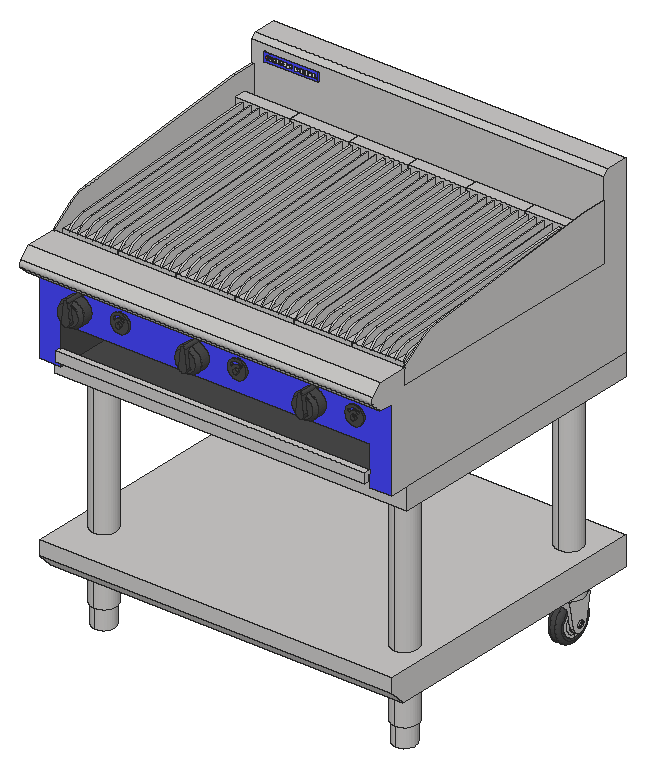
Revit family "QF_MOFFAT_BLUESEAL_AU_G596-LS", category Specialty Equipment, Revit 2012
Parameters
  Weight in Pounds = 391  # constant formula
  URL Cutsheet = "www.moffat.com"
  URL = "www.moffat.com"
  Type Mark [instance] = ""
  Status [instance] = ""
  Specification by User [instance] = ""
  Specification by Manufacturer = ""
  Show Logo [instance] = yes
  Show Casters [instance] = yes
  Serial Number = ""
  Seismic Rating = ""
  SMACNA No = ""
  Revision Code [instance] = ""
  Omniclass Number and Title = ""
  NAFEM Spec ID Number = ""
  Model = "G596-LS"
  Mechanical Remarks [instance] = ""
  Mechanical Connection Type [instance] = ""
  Masterspec = ""
  Manufacturer = "MOFFAT BLUESEAL"
  Legs [instance] = not(Show Casters)  # no
  Item Number [instance] = ""
  Installed By [instance] = ""
  Identify Quantity as Lot [instance] = yes
  Gas Size = 3/4"
  Gas RI Height [instance] = 0 mm
  Gas KW = 29.3
  Gas Input [instance] = 94781.0 Btu/h
  Gas Connection Height = 0 mm
  Furnished By [instance] = ""
  Foodservice Equipment Identifier [instance] = yes
  Description = "900MM GAS CHARGRILL ON LEG STAND"
  CSI MasterFormat = ""
  CSI Master Format = ""
  Body Finish = QF_Finishes_Stainless Steel
Reference planes
  plane 1 "BACK": y = 0
  plane 2: z = 0
  plane 3 "LEFT": x = 0
  plane 4 "RIGHT": x = 900
  plane 5 "FRONT": y = -812
  plane 6 "TOP": z = 972
  plane 7 "Center Y": x = 450
  plane 8 "Center X": y = -406
  plane 9: z = 970
  plane 10: z = 1085
  plane 11: y = -100
  plane 12: y = -625
  plane 13: x = 65.5
  plane 14: x = 834.5
Forms (mm)
  Extrusion 1, solid, material "QF_Finishes_Stainless Steel" <- "Body Finish"
    sketch origin (0, 0, 0) x (0, 1, 0) y (0, 0, 1)
      loop
        line (0, 222.5) -> (-749, 222.5) -> (-749, 186) -> (-713, 150) -> (0, 150) -> (0, 222.5)
      loop
        line (0, 640) -> (0, 1085) -> (-57.5, 1085) -> (-70, 1072.5) -> (-70, 875) -> (-705, 875) -> (-705, 915) -> (-783.97, 915) -> (-808.485, 890.485)
        arc (-808.485, 890.485) -> (-811.999, 882) -> (-808.485, 873.515) r 12
        line (-808.485, 873.515) -> (-784.97, 850) -> (-749, 850) -> (-749, 640) -> (0, 640)
      loop
        line (0, 585) -> (0, 639.206) -> (-699, 639.206) -> (-699, 585) -> (0, 585)
    from 0 to 900
  Revolve 2, solid, material "QF_Finishes_Stainless Steel" <- "Body Finish"
    sketch origin (834.5, -735, 0) x (0, 1, 0) y (0, 0, -1)
      loop
        line (78.25, -150) -> (110, -150) -> (110, 0) -> (82.5, 0) -> (82.5, -50) -> (78.25, -50) -> (78.25, -150)
      loop
        line (78.25, -222.5) -> (78.25, -585) -> (110, -585) -> (110, -222.5) -> (78.25, -222.5)
      axis (110, -585) -> (110, 0)
    angle from 0 to 360
  Revolve 3, solid, material "QF_Finishes_Stainless Steel" <- "Body Finish"
    sketch origin (834.5, -210, 0) x (0, 1, 0) y (0, 0, -1)
      loop
        line (78.25, -222.5) -> (78.25, -585) -> (110, -585) -> (110, -222.5) -> (78.25, -222.5)
      axis (110, -585) -> (110, -222.5)
    angle from 0 to 360
  Revolve 4, solid, material "QF_Finishes_Stainless Steel" <- "Body Finish"
    sketch origin (65, -735, 0) x (0, 1, 0) y (0, 0, 1)
      loop
        line (78.25, 150) -> (78.25, 50) -> (82.5, 50) -> (82.5, 0) -> (110, 0) -> (110, 150) -> (78.25, 150)
      loop
        line (78.25, 222.5) -> (110, 222.5) -> (110, 585) -> (78.25, 585) -> (78.25, 222.5)
      axis (110, 585) -> (110, 0)
    angle from 0 to 360
  Revolve 5, solid, material "QF_Finishes_Stainless Steel" <- "Body Finish"
    sketch origin (65, -210, 0) x (0, 1, 0) y (0, 0, 1)
      loop
        line (78.25, 222.5) -> (110, 222.5) -> (110, 585) -> (78.25, 585) -> (78.25, 222.5)
      axis (110, 585) -> (110, 222.5)
    angle from 0 to 360
  Extrusion 6, solid, material "QF_Finishes_Stainless Steel" <- "Body Finish"
    sketch origin (0, 0, 157.388) x (0, 1, 0) y (0, 0, 1)
      loop
        line (-70, 717) -> (-70, 860.112) -> (-127.045, 860.112) -> (-604.53, 814.135)
        arc (-604.53, 814.135) -> (-629.557, 808.415) -> (-652.303, 796.511) r 100
        line (-652.303, 796.511) -> (-705, 759.612) -> (-705, 717) -> (-70, 717)
    from 0 to 4.5
  Extrusion 7, solid, material "QF_Finishes_Stainless Steel" <- "Body Finish"
    sketch origin (900, 0, 0) x (0, -1, 0) y (0, 0, 1)
      loop
        line (70, 874.388) -> (705, 874.388) -> (705, 917) -> (652.303, 953.899)
        arc (652.303, 953.899) -> (629.557, 965.803) -> (604.53, 971.523) r 100
        line (604.53, 971.523) -> (127.045, 1017.5) -> (70, 1017.5) -> (70, 874.388)
    from 0 to 3
  Revolve 8, solid, material "QF_Finishes_Black"
    sketch origin (108, 7, 155.8) x (0, 1, 0) y (0, 0, 1)
      loop
        line (-789, 671.5) -> (-800, 665.651) -> (-800, 639) -> (-756, 639) -> (-756, 644) -> (-766, 644) -> (-766, 671.5) -> (-789, 671.5)
      axis (-800, 639) -> (-756, 639)
    angle from 0 to 360
  Extrusion 9, solid, material "QF_Finishes_Black"
    sketch origin (-30.113, 7, 155.8) x (1, 0, 0) y (0, 0, 1)
      loop
        line (148.532, 628.195) -> (143.111, 671.113)
        arc (143.111, 671.113) -> (138.113, 676) -> (133.114, 671.113) r 5
        line (133.114, 671.113) -> (127.625, 627.028)
        arc (127.625, 627.028) -> (138.697, 616.529) -> (148.532, 628.195) r 10.487
    from 759 to 808
  Extrusion 10, solid, material "QF_Finishes_Stainless Steel"
    sketch origin (276, 0, 158) x (0, 1, 0) y (0, 0, 1)
      loop
        line (-132, 752.364) -> (-132, 804.849) -> (-637.852, 774.53)
        arc (-637.852, 774.53) -> (-663.098, 767.97) -> (-684, 752.364) r 67.81
        line (-684, 752.364) -> (-132, 752.364)
    from 0 to 4.5
  Extrusion 11, solid, material "QF_Finishes_Stainless Steel"
    sketch origin (255, 0, 158) x (0, 1, 0) y (0, 0, 1)
      loop
        line (-132, 752.364) -> (-132, 804.849) -> (-637.852, 774.53)
        arc (-637.852, 774.53) -> (-663.098, 767.97) -> (-684, 752.364) r 67.81
        line (-684, 752.364) -> (-132, 752.364)
    from 0 to 4.5
  Extrusion 12, solid, material "QF_Finishes_Stainless Steel"
    sketch origin (234, 0, 158) x (0, 1, 0) y (0, 0, 1)
      loop
        line (-132, 752.364) -> (-132, 804.849) -> (-637.852, 774.53)
        arc (-637.852, 774.53) -> (-663.098, 767.97) -> (-684, 752.364) r 67.81
        line (-684, 752.364) -> (-132, 752.364)
    from 0 to 4.5
  Extrusion 13, solid, material "QF_Finishes_Stainless Steel"
    sketch origin (213, 0, 158) x (0, 1, 0) y (0, 0, 1)
      loop
        line (-132, 752.364) -> (-132, 804.849) -> (-637.852, 774.53)
        arc (-637.852, 774.53) -> (-663.098, 767.97) -> (-684, 752.364) r 67.81
        line (-684, 752.364) -> (-132, 752.364)
    from 0 to 4.5
  Extrusion 14, solid, material "QF_Finishes_Stainless Steel"
    sketch origin (192, 0, 158) x (0, 1, 0) y (0, 0, 1)
      loop
        line (-132, 752.364) -> (-132, 804.849) -> (-637.852, 774.53)
        arc (-637.852, 774.53) -> (-663.098, 767.97) -> (-684, 752.364) r 67.81
        line (-684, 752.364) -> (-132, 752.364)
    from 0 to 4.5
  Extrusion 15, solid, material "QF_Finishes_Stainless Steel"
    sketch origin (171, 0, 158) x (0, 1, 0) y (0, 0, 1)
      loop
        line (-132, 752.364) -> (-132, 804.849) -> (-637.852, 774.53)
        arc (-637.852, 774.53) -> (-663.098, 767.97) -> (-684, 752.364) r 67.81
        line (-684, 752.364) -> (-132, 752.364)
    from 0 to 4.5
  Extrusion 16, solid, material "QF_Finishes_Stainless Steel"
    sketch origin (150, 0, 158) x (0, 1, 0) y (0, 0, 1)
      loop
        line (-132, 752.364) -> (-132, 804.849) -> (-637.852, 774.53)
        arc (-637.852, 774.53) -> (-663.098, 767.97) -> (-684, 752.364) r 67.81
        line (-684, 752.364) -> (-132, 752.364)
    from 0 to 4.5
  Extrusion 17, solid, material "QF_Finishes_Stainless Steel"
    sketch origin (126, 0, 158) x (0, 1, 0) y (0, 0, 1)
      loop
        line (-132, 752.364) -> (-132, 804.849) -> (-637.852, 774.53)
        arc (-637.852, 774.53) -> (-663.098, 767.97) -> (-684, 752.364) r 67.81
        line (-684, 752.364) -> (-132, 752.364)
    from 0 to 4.5
  Extrusion 18, solid, material "QF_Finishes_Stainless Steel"
    sketch origin (105, 0, 158) x (0, 1, 0) y (0, 0, 1)
      loop
        line (-132, 752.364) -> (-132, 804.849) -> (-637.852, 774.53)
        arc (-637.852, 774.53) -> (-663.098, 767.97) -> (-684, 752.364) r 67.81
        line (-684, 752.364) -> (-132, 752.364)
    from 0 to 4.5
  Extrusion 19, solid, material "QF_Finishes_Stainless Steel"
    sketch origin (84, 0, 158) x (0, 1, 0) y (0, 0, 1)
      loop
        line (-132, 752.364) -> (-132, 804.849) -> (-637.852, 774.53)
        arc (-637.852, 774.53) -> (-663.098, 767.97) -> (-684, 752.364) r 67.81
        line (-684, 752.364) -> (-132, 752.364)
    from 0 to 4.5
  Extrusion 20, solid, material "QF_Finishes_Stainless Steel"
    sketch origin (63, 0, 158) x (0, 1, 0) y (0, 0, 1)
      loop
        line (-132, 752.364) -> (-132, 804.849) -> (-637.852, 774.53)
        arc (-637.852, 774.53) -> (-663.098, 767.97) -> (-684, 752.364) r 67.81
        line (-684, 752.364) -> (-132, 752.364)
    from 0 to 4.5
  Extrusion 21, solid, material "QF_Finishes_Stainless Steel"
    sketch origin (42, 0, 158) x (0, 1, 0) y (0, 0, 1)
      loop
        line (-132, 752.364) -> (-132, 804.849) -> (-637.852, 774.53)
        arc (-637.852, 774.53) -> (-663.098, 767.97) -> (-684, 752.364) r 67.81
        line (-684, 752.364) -> (-132, 752.364)
    from 0 to 4.5
  Extrusion 22, solid, material "QF_Finishes_Stainless Steel"
    sketch origin (21, 0, 158) x (0, 1, 0) y (0, 0, 1)
      loop
        line (-132, 752.364) -> (-132, 804.849) -> (-637.852, 774.53)
        arc (-637.852, 774.53) -> (-663.098, 767.97) -> (-684, 752.364) r 67.81
        line (-684, 752.364) -> (-132, 752.364)
    from 0 to 4.5
  Extrusion 23, solid, material "QF_Finishes_Stainless Steel"
    sketch origin (426, 0, 158) x (0, 1, 0) y (0, 0, 1)
      loop
        line (-132, 752.364) -> (-132, 804.849) -> (-637.852, 774.53)
        arc (-637.852, 774.53) -> (-663.098, 767.97) -> (-684, 752.364) r 67.81
        line (-684, 752.364) -> (-132, 752.364)
    from 0 to 4.5
  Extrusion 24, solid, material "QF_Finishes_Stainless Steel"
    sketch origin (405, 0, 158) x (0, 1, 0) y (0, 0, 1)
      loop
        line (-132, 752.364) -> (-132, 804.849) -> (-637.852, 774.53)
        arc (-637.852, 774.53) -> (-663.098, 767.97) -> (-684, 752.364) r 67.81
        line (-684, 752.364) -> (-132, 752.364)
    from 0 to 4.5
  Extrusion 25, solid, material "QF_Finishes_Stainless Steel"
    sketch origin (384, 0, 158) x (0, 1, 0) y (0, 0, 1)
      loop
        line (-132, 752.364) -> (-132, 804.849) -> (-637.852, 774.53)
        arc (-637.852, 774.53) -> (-663.098, 767.97) -> (-684, 752.364) r 67.81
        line (-684, 752.364) -> (-132, 752.364)
    from 0 to 4.5
  Extrusion 26, solid, material "QF_Finishes_Stainless Steel"
    sketch origin (363, 0, 158) x (0, 1, 0) y (0, 0, 1)
      loop
        line (-132, 752.364) -> (-132, 804.849) -> (-637.852, 774.53)
        arc (-637.852, 774.53) -> (-663.098, 767.97) -> (-684, 752.364) r 67.81
        line (-684, 752.364) -> (-132, 752.364)
    from 0 to 4.5
  Extrusion 27, solid, material "QF_Finishes_Stainless Steel"
    sketch origin (342, 0, 158) x (0, 1, 0) y (0, 0, 1)
      loop
        line (-132, 752.364) -> (-132, 804.849) -> (-637.852, 774.53)
        arc (-637.852, 774.53) -> (-663.098, 767.97) -> (-684, 752.364) r 67.81
        line (-684, 752.364) -> (-132, 752.364)
    from 0 to 4.5
  Extrusion 28, solid, material "QF_Finishes_Stainless Steel"
    sketch origin (321, 0, 158) x (0, 1, 0) y (0, 0, 1)
      loop
        line (-132, 752.364) -> (-132, 804.849) -> (-637.852, 774.53)
        arc (-637.852, 774.53) -> (-663.098, 767.97) -> (-684, 752.364) r 67.81
        line (-684, 752.364) -> (-132, 752.364)
    from 0 to 4.5
  Extrusion 29, solid, material "QF_Finishes_Stainless Steel"
    sketch origin (300, 0, 158) x (0, 1, 0) y (0, 0, 1)
      loop
        line (-132, 752.364) -> (-132, 804.849) -> (-637.852, 774.53)
        arc (-637.852, 774.53) -> (-663.098, 767.97) -> (-684, 752.364) r 67.81
        line (-684, 752.364) -> (-132, 752.364)
    from 0 to 4.5
  Extrusion 30, solid, material "QF_Finishes_Stainless Steel"
    sketch origin (576, 0, 158) x (0, 1, 0) y (0, 0, 1)
      loop
        line (-132, 752.364) -> (-132, 804.849) -> (-637.852, 774.53)
        arc (-637.852, 774.53) -> (-663.098, 767.97) -> (-684, 752.364) r 67.81
        line (-684, 752.364) -> (-132, 752.364)
    from 0 to 4.5
  Extrusion 31, solid, material "QF_Finishes_Stainless Steel"
    sketch origin (555, 0, 158) x (0, 1, 0) y (0, 0, 1)
      loop
        line (-132, 752.364) -> (-132, 804.849) -> (-637.852, 774.53)
        arc (-637.852, 774.53) -> (-663.098, 767.97) -> (-684, 752.364) r 67.81
        line (-684, 752.364) -> (-132, 752.364)
    from 0 to 4.5
  Extrusion 32, solid, material "QF_Finishes_Stainless Steel"
    sketch origin (534, 0, 158) x (0, 1, 0) y (0, 0, 1)
      loop
        line (-132, 752.364) -> (-132, 804.849) -> (-637.852, 774.53)
        arc (-637.852, 774.53) -> (-663.098, 767.97) -> (-684, 752.364) r 67.81
        line (-684, 752.364) -> (-132, 752.364)
    from 0 to 4.5
  Extrusion 33, solid, material "QF_Finishes_Stainless Steel"
    sketch origin (513, 0, 158) x (0, 1, 0) y (0, 0, 1)
      loop
        line (-132, 752.364) -> (-132, 804.849) -> (-637.852, 774.53)
        arc (-637.852, 774.53) -> (-663.098, 767.97) -> (-684, 752.364) r 67.81
        line (-684, 752.364) -> (-132, 752.364)
    from 0 to 4.5
  Extrusion 34, solid, material "QF_Finishes_Stainless Steel"
    sketch origin (492, 0, 158) x (0, 1, 0) y (0, 0, 1)
      loop
        line (-132, 752.364) -> (-132, 804.849) -> (-637.852, 774.53)
        arc (-637.852, 774.53) -> (-663.098, 767.97) -> (-684, 752.364) r 67.81
        line (-684, 752.364) -> (-132, 752.364)
    from 0 to 4.5
  Extrusion 35, solid, material "QF_Finishes_Stainless Steel"
    sketch origin (471, 0, 158) x (0, 1, 0) y (0, 0, 1)
      loop
        line (-132, 752.364) -> (-132, 804.849) -> (-637.852, 774.53)
        arc (-637.852, 774.53) -> (-663.098, 767.97) -> (-684, 752.364) r 67.81
        line (-684, 752.364) -> (-132, 752.364)
    from 0 to 4.5
  Extrusion 36, solid, material "QF_Finishes_Stainless Steel"
    sketch origin (450, 0, 158) x (0, 1, 0) y (0, 0, 1)
      loop
        line (-132, 752.364) -> (-132, 804.849) -> (-637.852, 774.53)
        arc (-637.852, 774.53) -> (-663.098, 767.97) -> (-684, 752.364) r 67.81
        line (-684, 752.364) -> (-132, 752.364)
    from 0 to 4.5
  Extrusion 37, solid, material "QF_Finishes_Stainless Steel"
    sketch origin (0, 3, 0) x (1, 0, 0) y (0, 1, 0)
      loop
        circle (216, -34) r 13.5
    from 553 to 585
  Extrusion 38, solid, material "QF_Finishes_Stainless Steel"
    sketch origin (0, 0, 158) x (0, 1, 0) y (0, 0, 1)
      loop
        line (-132, 752.364) -> (-684, 752.364) -> (-684, 717) -> (-102, 717) -> (-102, 812) -> (-132, 812) -> (-132, 752.364)
    from 4.5 to 147
  Extrusion 39, solid, material "QF_Finishes_Stainless Steel"
    sketch origin (145.5, 0, 158) x (0, 1, 0) y (0, 0, 1)
      loop
        line (-132, 752.364) -> (-684, 752.364) -> (-684, 717) -> (-102, 717) -> (-102, 812) -> (-132, 812) -> (-132, 752.364)
    from 4.5 to 151.5
  Extrusion 40, solid, material "QF_Finishes_Stainless Steel"
    sketch origin (295.5, 0, 158) x (0, 1, 0) y (0, 0, 1)
      loop
        line (-132, 752.364) -> (-684, 752.364) -> (-684, 717) -> (-102, 717) -> (-102, 812) -> (-132, 812) -> (-132, 752.364)
    from 4.5 to 151.5
  Extrusion 41, solid, material "QF_Finishes_Stainless Steel"
    sketch origin (445.5, 0, 158) x (0, 1, 0) y (0, 0, 1)
      loop
        line (-132, 752.364) -> (-684, 752.364) -> (-684, 717) -> (-102, 717) -> (-102, 812) -> (-132, 812) -> (-132, 752.364)
    from 4.5 to 151.5
  Extrusion 42, solid, material "QF_Finishes_Black"
    sketch origin (0, -749, 850) x (0, 0, -1) y (1, 0, 0)
      loop
        circle (55.799, 208) r 23.9
      loop
        arc (48.44, 216.419) -> (49.3, 221.219) -> (44.5, 222.079) r 3.448
        arc (44.5, 222.079) -> (37.915, 207.341) -> (45.718, 193.209) r 18.095
        arc (45.718, 193.209) -> (50.44, 194.491) -> (49.125, 199.204) r 3.448
        arc (49.125, 199.204) -> (45.557, 207.683) -> (48.44, 216.419) r 13.109
      loop
        circle (55.799, 808) r 23.9
      loop
        arc (44.5, 822.079) -> (37.915, 807.341) -> (45.718, 793.209) r 18.095
        arc (45.718, 793.209) -> (50.44, 794.491) -> (49.125, 799.204) r 3.448
        arc (49.125, 799.204) -> (45.557, 807.683) -> (48.44, 816.419) r 13.109
        arc (48.44, 816.419) -> (49.3, 821.219) -> (44.5, 822.079) r 3.448
      loop
        circle (55.799, 508) r 23.9
      loop
        arc (48.44, 516.419) -> (49.3, 521.219) -> (44.5, 522.079) r 3.448
        arc (44.5, 522.079) -> (37.915, 507.341) -> (45.718, 493.209) r 18.095
        arc (45.718, 493.209) -> (50.44, 494.491) -> (49.125, 499.204) r 3.448
        arc (49.125, 499.204) -> (45.557, 507.683) -> (48.44, 516.419) r 13.109
    from 0 to 4
  Extrusion 43, solid, material "QF_Finishes_Black"
    sketch origin (0, -753, 850) x (0, 0, -1) y (1, 0, 0)
      loop
        circle (59.299, 208) r 5.75
      loop
        circle (59.299, 508) r 5.75
      loop
        circle (59.299, 808) r 5.75
    from 0 to 5
  Revolve 44, solid, material "QF_Finishes_Black"
    sketch origin (408, 7, 155.8) x (0, 1, 0) y (0, 0, 1)
      loop
        line (-789, 671.5) -> (-800, 665.651) -> (-800, 639) -> (-756, 639) -> (-756, 644) -> (-766, 644) -> (-766, 671.5) -> (-789, 671.5)
      axis (-800, 639) -> (-756, 639)
    angle from 0 to 360
  Extrusion 45, solid, material "QF_Finishes_Black"
    sketch origin (269.887, 7, 155.8) x (1, 0, 0) y (0, 0, 1)
      loop
        line (148.532, 628.195) -> (143.111, 671.113)
        arc (143.111, 671.113) -> (138.113, 676) -> (133.114, 671.113) r 5
        line (133.114, 671.113) -> (127.625, 627.028)
        arc (127.625, 627.028) -> (138.697, 616.529) -> (148.532, 628.195) r 10.487
    from 759 to 808
  Extrusion 46, void
    sketch origin (0, -749, 850) x (0, 0, 1) y (1, 0, 0)
      loop
        line (-210, 845) -> (-210, 55) -> (-110, 55) -> (-110, 845) -> (-210, 845)
    from 0 to 250
  Extrusion 47, solid, material "QF_Finishes_Stainless Steel"
    sketch origin (55, -749, 150) x (0, 0, 1) y (0, -1, 0)
      loop
        line (506.797, 15.924) -> (506.797, 5.924) -> (521.797, 5.924) -> (521.797, -31.346) -> (490, -31.346) -> (490, -50) -> (531.797, -50) -> (531.797, 15.924) -> (506.797, 15.924)
    from 0 to 790
  Revolve 48, solid, material "QF_Finishes_Stainless Steel", visible <- "Legs"
    sketch origin (65.5, -166, 0) x (0, 1, 0) y (0, 0, 1)
      loop
        line (34.25, 150) -> (34.25, 50) -> (38.5, 50) -> (38.5, 0) -> (66, 0) -> (66, 150) -> (34.25, 150)
      axis (66, 150) -> (66, 0)
    angle from 0 to 360
  Revolve 49, solid, material "QF_Finishes_Stainless Steel", visible <- "Legs"
    sketch origin (834, -166, 0) x (0, 1, 0) y (0, 0, -1)
      loop
        line (34.25, -150) -> (66, -150) -> (66, 0) -> (38.5, 0) -> (38.5, -50) -> (34.25, -50) -> (34.25, -150)
      axis (66, -150) -> (66, 0)
    angle from 0 to 360
  Revolve 50, solid, material "QF_Finishes_Stainless Steel", visible <- "Show Casters"
    sketch origin (16.276, -100.755, -13.653) x (1, 0, 0) y (0, 0, 1)
      loop
        line (14.841, 63.604) -> (83.584, 63.604) -> (83.584, 67.109) -> (82.314, 68.379) -> (80.79, 68.379) -> (80.79, 71.826) -> (68.644, 71.826) -> (68.644, 81.79) -> (65.088, 83.843) -> (63.738, 92.179) -> (65.881, 92.179) -> (65.881, 98.529) -> (65.088, 98.529) -> (65.088, 104.879)
        arc (65.088, 104.879) -> (62.298, 111.614) -> (55.563, 114.404) r 9.525
        line (55.563, 114.404) -> (42.863, 114.404)
        arc (42.863, 114.404) -> (36.127, 111.614) -> (33.338, 104.879) r 9.525
        line (33.338, 104.879) -> (33.338, 98.529) -> (32.544, 98.529) -> (32.544, 92.179) -> (34.687, 92.179) -> (33.352, 83.932) -> (29.782, 81.871) -> (29.782, 71.826) -> (17.635, 71.826) -> (17.635, 68.379) -> (16.111, 68.379) -> (14.841, 67.109) -> (14.841, 63.604)
      axis (14.841, 63.604) -> (83.584, 63.604)
    angle from 0 to 360
  Extrusion 51, solid, material "QF_Finishes_Stainless Steel", visible <- "Show Casters"
    sketch origin (72.001, 132.353, -8.783) x (0, 1, 0) y (0, 0, 1)
      loop
        line (-200.603, 118.783) -> (-264.103, 118.783) -> (-251.746, 53.895)
        arc (-251.746, 53.895) -> (-232.353, 38.783) -> (-212.959, 53.895) r 20
        line (-212.959, 53.895) -> (-200.603, 118.783)
    from -35.667 to 22.923
  Revolve 52, solid, material "QF_Finishes_Stainless Steel", visible <- "Show Casters"
    sketch origin (65.5, -204, 0) x (0, 1, 0) y (0, 0, 1)
      loop
        line (68.25, 150) -> (68.25, 110) -> (104, 110) -> (104, 150) -> (68.25, 150)
      axis (104, 150) -> (104, 110)
    angle from 0 to 360
  Revolve 53, solid, material "QF_Finishes_Stainless Steel", visible <- "Legs"
    sketch origin (65.5, -166, 0) x (0, 1, 0) y (0, 0, 1)
      loop
        line (34.25, 150) -> (34.25, 50) -> (38.5, 50) -> (38.5, 0) -> (66, 0) -> (66, 150) -> (34.25, 150)
      axis (66, 150) -> (66, 0)
    angle from 0 to 360
  Revolve 54, solid, material "QF_Finishes_Stainless Steel", visible <- "Show Casters"
    sketch origin (784.776, -100.755, -13.653) x (1, 0, 0) y (0, 0, 1)
      loop
        line (14.841, 63.604) -> (83.584, 63.604) -> (83.584, 67.109) -> (82.314, 68.379) -> (80.79, 68.379) -> (80.79, 71.826) -> (68.644, 71.826) -> (68.644, 81.79) -> (65.088, 83.843) -> (63.738, 92.179) -> (65.881, 92.179) -> (65.881, 98.529) -> (65.088, 98.529) -> (65.088, 104.879)
        arc (65.088, 104.879) -> (62.298, 111.614) -> (55.563, 114.404) r 9.525
        line (55.563, 114.404) -> (42.863, 114.404)
        arc (42.863, 114.404) -> (36.127, 111.614) -> (33.338, 104.879) r 9.525
        line (33.338, 104.879) -> (33.338, 98.529) -> (32.544, 98.529) -> (32.544, 92.179) -> (34.687, 92.179) -> (33.352, 83.932) -> (29.782, 81.871) -> (29.782, 71.826) -> (17.635, 71.826) -> (17.635, 68.379) -> (16.111, 68.379) -> (14.841, 67.109) -> (14.841, 63.604)
      axis (14.841, 63.604) -> (83.584, 63.604)
    angle from 0 to 360
  Extrusion 55, solid, material "QF_Finishes_Stainless Steel", visible <- "Show Casters"
    sketch origin (840.501, 132.353, -8.783) x (0, 1, 0) y (0, 0, 1)
      loop
        line (-200.603, 118.783) -> (-264.103, 118.783) -> (-251.746, 53.895)
        arc (-251.746, 53.895) -> (-232.353, 38.783) -> (-212.959, 53.895) r 20
        line (-212.959, 53.895) -> (-200.603, 118.783)
    from -35.667 to 22.923
  Revolve 56, solid, material "QF_Finishes_Stainless Steel", visible <- "Show Casters"
    sketch origin (834, -204, 0) x (0, 1, 0) y (0, 0, 1)
      loop
        line (68.25, 150) -> (68.25, 110) -> (104, 110) -> (104, 150) -> (68.25, 150)
      axis (104, 150) -> (104, 110)
    angle from 0 to 360
  Extrusion 57, solid, material "QF_Finishes_Stainless Steel"
    sketch origin (726, 0, 158) x (0, 1, 0) y (0, 0, 1)
      loop
        line (-132, 752.364) -> (-132, 804.849) -> (-637.852, 774.53)
        arc (-637.852, 774.53) -> (-663.098, 767.97) -> (-684, 752.364) r 67.81
        line (-684, 752.364) -> (-132, 752.364)
    from 0 to 4.5
  Extrusion 58, solid, material "QF_Finishes_Stainless Steel"
    sketch origin (705, 0, 158) x (0, 1, 0) y (0, 0, 1)
      loop
        line (-132, 752.364) -> (-132, 804.849) -> (-637.852, 774.53)
        arc (-637.852, 774.53) -> (-663.098, 767.97) -> (-684, 752.364) r 67.81
        line (-684, 752.364) -> (-132, 752.364)
    from 0 to 4.5
  Extrusion 59, solid, material "QF_Finishes_Stainless Steel"
    sketch origin (684, 0, 158) x (0, 1, 0) y (0, 0, 1)
      loop
        line (-132, 752.364) -> (-132, 804.849) -> (-637.852, 774.53)
        arc (-637.852, 774.53) -> (-663.098, 767.97) -> (-684, 752.364) r 67.81
        line (-684, 752.364) -> (-132, 752.364)
    from 0 to 4.5
  Extrusion 60, solid, material "QF_Finishes_Stainless Steel"
    sketch origin (663, 0, 158) x (0, 1, 0) y (0, 0, 1)
      loop
        line (-132, 752.364) -> (-132, 804.849) -> (-637.852, 774.53)
        arc (-637.852, 774.53) -> (-663.098, 767.97) -> (-684, 752.364) r 67.81
        line (-684, 752.364) -> (-132, 752.364)
    from 0 to 4.5
  Extrusion 61, solid, material "QF_Finishes_Stainless Steel"
    sketch origin (642, 0, 158) x (0, 1, 0) y (0, 0, 1)
      loop
        line (-132, 752.364) -> (-132, 804.849) -> (-637.852, 774.53)
        arc (-637.852, 774.53) -> (-663.098, 767.97) -> (-684, 752.364) r 67.81
        line (-684, 752.364) -> (-132, 752.364)
    from 0 to 4.5
  Extrusion 62, solid, material "QF_Finishes_Stainless Steel"
    sketch origin (621, 0, 158) x (0, 1, 0) y (0, 0, 1)
      loop
        line (-132, 752.364) -> (-132, 804.849) -> (-637.852, 774.53)
        arc (-637.852, 774.53) -> (-663.098, 767.97) -> (-684, 752.364) r 67.81
        line (-684, 752.364) -> (-132, 752.364)
    from 0 to 4.5
  Extrusion 63, solid, material "QF_Finishes_Stainless Steel"
    sketch origin (600, 0, 158) x (0, 1, 0) y (0, 0, 1)
      loop
        line (-132, 752.364) -> (-132, 804.849) -> (-637.852, 774.53)
        arc (-637.852, 774.53) -> (-663.098, 767.97) -> (-684, 752.364) r 67.81
        line (-684, 752.364) -> (-132, 752.364)
    from 0 to 4.5
  Extrusion 64, solid, material "QF_Finishes_Stainless Steel"
    sketch origin (595.5, 0, 158) x (0, 1, 0) y (0, 0, 1)
      loop
        line (-132, 752.364) -> (-684, 752.364) -> (-684, 717) -> (-102, 717) -> (-102, 812) -> (-132, 812) -> (-132, 752.364)
    from 4.5 to 151.5
  Extrusion 65, solid, material "QF_Finishes_Stainless Steel"
    sketch origin (876, 0, 158) x (0, 1, 0) y (0, 0, 1)
      loop
        line (-132, 752.364) -> (-132, 804.849) -> (-637.852, 774.53)
        arc (-637.852, 774.53) -> (-663.098, 767.97) -> (-684, 752.364) r 67.81
        line (-684, 752.364) -> (-132, 752.364)
    from 0 to 4.5
  Extrusion 66, solid, material "QF_Finishes_Stainless Steel"
    sketch origin (855, 0, 158) x (0, 1, 0) y (0, 0, 1)
      loop
        line (-132, 752.364) -> (-132, 804.849) -> (-637.852, 774.53)
        arc (-637.852, 774.53) -> (-663.098, 767.97) -> (-684, 752.364) r 67.81
        line (-684, 752.364) -> (-132, 752.364)
    from 0 to 4.5
  Extrusion 67, solid, material "QF_Finishes_Stainless Steel"
    sketch origin (834, 0, 158) x (0, 1, 0) y (0, 0, 1)
      loop
        line (-132, 752.364) -> (-132, 804.849) -> (-637.852, 774.53)
        arc (-637.852, 774.53) -> (-663.098, 767.97) -> (-684, 752.364) r 67.81
        line (-684, 752.364) -> (-132, 752.364)
    from 0 to 4.5
  Extrusion 68, solid, material "QF_Finishes_Stainless Steel"
    sketch origin (813, 0, 158) x (0, 1, 0) y (0, 0, 1)
      loop
        line (-132, 752.364) -> (-132, 804.849) -> (-637.852, 774.53)
        arc (-637.852, 774.53) -> (-663.098, 767.97) -> (-684, 752.364) r 67.81
        line (-684, 752.364) -> (-132, 752.364)
    from 0 to 4.5
  Extrusion 69, solid, material "QF_Finishes_Stainless Steel"
    sketch origin (792, 0, 158) x (0, 1, 0) y (0, 0, 1)
      loop
        line (-132, 752.364) -> (-132, 804.849) -> (-637.852, 774.53)
        arc (-637.852, 774.53) -> (-663.098, 767.97) -> (-684, 752.364) r 67.81
        line (-684, 752.364) -> (-132, 752.364)
    from 0 to 4.5
  Extrusion 70, solid, material "QF_Finishes_Stainless Steel"
    sketch origin (771, 0, 158) x (0, 1, 0) y (0, 0, 1)
      loop
        line (-132, 752.364) -> (-132, 804.849) -> (-637.852, 774.53)
        arc (-637.852, 774.53) -> (-663.098, 767.97) -> (-684, 752.364) r 67.81
        line (-684, 752.364) -> (-132, 752.364)
    from 0 to 4.5
  Extrusion 71, solid, material "QF_Finishes_Stainless Steel"
    sketch origin (750, 0, 158) x (0, 1, 0) y (0, 0, 1)
      loop
        line (-132, 752.364) -> (-132, 804.849) -> (-637.852, 774.53)
        arc (-637.852, 774.53) -> (-663.098, 767.97) -> (-684, 752.364) r 67.81
        line (-684, 752.364) -> (-132, 752.364)
    from 0 to 4.5
  Extrusion 72, solid, material "QF_Finishes_Stainless Steel"
    sketch origin (745.5, 0, 158) x (0, 1, 0) y (0, 0, 1)
      loop
        line (-132, 752.364) -> (-684, 752.364) -> (-684, 717) -> (-102, 717) -> (-102, 812) -> (-132, 812) -> (-132, 752.364)
    from 4.5 to 151.5
  Extrusion 73, void
    sketch origin (0, -749, 850) x (0, 0, 1) y (1, 0, 0)
      loop
        line (-210, 845) -> (-210, 55) -> (-110, 55) -> (-110, 845) -> (-210, 845)
    from 0 to 250
  Revolve 74, solid, material "QF_Finishes_Black"
    sketch origin (708, 7, 155.8) x (0, 1, 0) y (0, 0, 1)
      loop
        line (-789, 671.5) -> (-800, 665.651) -> (-800, 639) -> (-756, 639) -> (-756, 644) -> (-766, 644) -> (-766, 671.5) -> (-789, 671.5)
      axis (-800, 639) -> (-756, 639)
    angle from 0 to 360
  Extrusion 75, solid, material "QF_Finishes_Black"
    sketch origin (569.887, 7, 155.8) x (1, 0, 0) y (0, 0, 1)
      loop
        line (148.532, 628.195) -> (143.111, 671.113)
        arc (143.111, 671.113) -> (138.113, 676) -> (133.114, 671.113) r 5
        line (133.114, 671.113) -> (127.625, 627.028)
        arc (127.625, 627.028) -> (138.697, 616.529) -> (148.532, 628.195) r 10.487
    from 759 to 808
Cuts and joins
  Extrusion 46, Extrusion 73 cuts Extrusion 47
  Extrusion 73 cuts Extrusion 1
Lines and regions (mm)
  Split face 1
    outline origin (900, 0, 1085) x (-1, 0, 0) y (0, -1, 0)
      loop
        arc (856, 18.185) -> (864.66, 23.185) -> (864.66, 33.185) r 10
        line (864.66, 33.185) -> (860.619, 40.185)
        arc (860.619, 40.185) -> (856.959, 43.845) -> (851.959, 45.185) r 10
        line (851.959, 45.185) -> (624, 45.185)
        arc (624, 45.185) -> (615.34, 40.185) -> (615.34, 30.185) r 10
        line (615.34, 30.185) -> (619.381, 23.185)
        arc (619.381, 23.185) -> (623.041, 19.525) -> (628.041, 18.185) r 10
        line (628.041, 18.185) -> (856, 18.185)
  Split face 2
    outline origin (900, 0, 1085) x (-1, 0, 0) y (0, -1, 0)
      loop
        arc (568.021, 18.185) -> (576.681, 23.185) -> (576.681, 33.185) r 10
        line (576.681, 33.185) -> (572.64, 40.185)
        arc (572.64, 40.185) -> (568.979, 43.845) -> (563.979, 45.185) r 10
        line (563.979, 45.185) -> (336.021, 45.185)
        arc (336.021, 45.185) -> (327.36, 40.185) -> (327.36, 30.185) r 10
        line (327.36, 30.185) -> (331.402, 23.185)
        arc (331.402, 23.185) -> (335.062, 19.525) -> (340.062, 18.185) r 10
        line (340.062, 18.185) -> (568.021, 18.185)
  Split face 3
    outline origin (900, 0, 1085) x (-1, 0, 0) y (0, -1, 0)
      loop
        line (52.083, 18.185) -> (280.041, 18.185)
        arc (280.041, 18.185) -> (288.702, 23.185) -> (288.702, 33.185) r 10
        line (288.702, 33.185) -> (284.66, 40.185)
        arc (284.66, 40.185) -> (281, 43.845) -> (276, 45.185) r 10
        line (276, 45.185) -> (48.041, 45.185)
        arc (48.041, 45.185) -> (39.381, 40.185) -> (39.381, 30.185) r 10
        line (39.381, 30.185) -> (43.423, 23.185)
        arc (43.423, 23.185) -> (47.083, 19.525) -> (52.083, 18.185) r 10
  symbolic lines, style "SpecialityEquipmentHiddenLines", visible <- "Show Casters"
    curve 1: line (78.456, -46.735, 0) -> (105.952, -62.61, 0)
    curve 2: line (27.656, -134.723, 0) -> (78.456, -46.735, 0)
    curve 3: line (55.152, -150.598, 0) -> (27.656, -134.723, 0)
    curve 4: line (105.952, -62.61, 0) -> (55.152, -150.598, 0)
    curve 5: line (847.956, -46.735, 0) -> (875.452, -62.61, 0)
    curve 6: line (797.156, -134.723, 0) -> (847.956, -46.735, 0)
    curve 7: line (824.652, -150.598, 0) -> (797.156, -134.723, 0)
    curve 8: line (875.452, -62.61, 0) -> (824.652, -150.598, 0)
  symbolic lines
    curve 9: line (900, 0, 0) -> (0, 0, 0)
    curve 10: line (0, -57.5, 0) -> (900, -57.5, 0)
    curve 11: line (0, -70, 0) -> (900, -70, 0)
    curve 12: line (900, -705, 0) -> (0, -705, 0)
    curve 13: line (0, -783.97, 0) -> (900, -783.97, 0)
    curve 14: line (0, -811.999, 0) -> (900, -811.999, 0)
    curve 15: line (0, 0, 0) -> (0, -811.999, 0)
    curve 16: line (900, -811.999, 0) -> (900, 0, 0)
    curve 17: line (4.5, -705, 0) -> (4.5, -70, 0)
    curve 18: line (897, -70, 0) -> (897, -705, 0)
    curve 19: line (747, -684, 0) -> (897, -684, 0)
    curve 20: line (597, -684, 0) -> (747, -684, 0)
    curve 21: line (447, -684, 0) -> (597, -684, 0)
    curve 22: line (297, -684, 0) -> (447, -684, 0)
    curve 23: line (147, -684, 0) -> (297, -684, 0)
    curve 24: line (4.5, -684, 0) -> (147, -684, 0)
    curve 25: line (147, -102, 0) -> (4.5, -102, 0)
    curve 26: line (297, -102, 0) -> (147, -102, 0)
    curve 27: line (447, -102, 0) -> (297, -102, 0)
    curve 28: line (597, -102, 0) -> (447, -102, 0)
    curve 29: line (747, -102, 0) -> (597, -102, 0)
    curve 30: line (897, -102, 0) -> (747, -102, 0)
    curve 31: line (4.5, -132, 0) -> (147, -132, 0)
    curve 32: line (147, -132, 0) -> (297, -132, 0)
    curve 33: line (297, -132, 0) -> (447, -132, 0)
    curve 34: line (447, -132, 0) -> (597, -132, 0)
    curve 35: line (597, -132, 0) -> (747, -132, 0)
    curve 36: line (747, -132, 0) -> (897, -132, 0)
    curve 37: line (147, -684, 0) -> (147, -102, 0)
    curve 38: line (150, -102, 0) -> (150, -684, 0)
    curve 39: line (297, -684, 0) -> (297, -102, 0)
    curve 40: line (300, -102, 0) -> (300, -684, 0)
    curve 41: line (447, -684, 0) -> (447, -102, 0)
    curve 42: line (450, -102, 0) -> (450, -684, 0)
    curve 43: line (597, -684, 0) -> (597, -102, 0)
    curve 44: line (600, -102, 0) -> (600, -684, 0)
    curve 45: line (747, -684, 0) -> (747, -102, 0)
    curve 46: line (750, -102, 0) -> (750, -684, 0)
    curve 47: line (21, -132, 0) -> (21, -684, 0)
    curve 48: line (42, -132, 0) -> (42, -684, 0)
    curve 49: line (63, -132, 0) -> (63, -684, 0)
    curve 50: line (84, -132, 0) -> (84, -684, 0)
    curve 51: line (105, -132, 0) -> (105, -684, 0)
    curve 52: line (126, -132, 0) -> (126, -684, 0)
    curve 53: line (154.5, -684, 0) -> (154.5, -132, 0)
    curve 54: line (175.5, -684, 0) -> (175.5, -132, 0)
    curve 55: line (196.5, -684, 0) -> (196.5, -132, 0)
    curve 56: line (217.5, -684, 0) -> (217.5, -132, 0)
    curve 57: line (238.5, -684, 0) -> (238.5, -132, 0)
    curve 58: line (259.5, -684, 0) -> (259.5, -132, 0)
    curve 59: line (280.5, -684, 0) -> (280.5, -132, 0)
    curve 60: line (304.5, -684, 0) -> (304.5, -132, 0)
    curve 61: line (325.5, -684, 0) -> (325.5, -132, 0)
    curve 62: line (346.5, -684, 0) -> (346.5, -132, 0)
    curve 63: line (367.5, -684, 0) -> (367.5, -132, 0)
    curve 64: line (388.5, -684, 0) -> (388.5, -132, 0)
    curve 65: line (409.5, -684, 0) -> (409.5, -132, 0)
    curve 66: line (430.5, -684, 0) -> (430.5, -132, 0)
    curve 67: line (454.5, -684, 0) -> (454.5, -132, 0)
    curve 68: line (475.5, -684, 0) -> (475.5, -132, 0)
    curve 69: line (496.5, -684, 0) -> (496.5, -132, 0)
    curve 70: line (517.5, -684, 0) -> (517.5, -132, 0)
    curve 71: line (538.5, -684, 0) -> (538.5, -132, 0)
    curve 72: line (559.5, -684, 0) -> (559.5, -132, 0)
    curve 73: line (580.5, -684, 0) -> (580.5, -132, 0)
    curve 74: line (604.5, -684, 0) -> (604.5, -132, 0)
    curve 75: line (625.5, -684, 0) -> (625.5, -132, 0)
    curve 76: line (646.5, -684, 0) -> (646.5, -132, 0)
    curve 77: line (667.5, -684, 0) -> (667.5, -132, 0)
    curve 78: line (688.5, -684, 0) -> (688.5, -132, 0)
    curve 79: line (709.5, -684, 0) -> (709.5, -132, 0)
    curve 80: line (730.5, -684, 0) -> (730.5, -132, 0)
    curve 81: line (754.5, -684, 0) -> (754.5, -132, 0)
    curve 82: line (775.5, -684, 0) -> (775.5, -132, 0)
    curve 83: line (796.5, -684, 0) -> (796.5, -132, 0)
    curve 84: line (817.5, -684, 0) -> (817.5, -132, 0)
    curve 85: line (838.5, -684, 0) -> (838.5, -132, 0)
    curve 86: line (859.5, -684, 0) -> (859.5, -132, 0)
    curve 87: line (880.5, -684, 0) -> (880.5, -132, 0)
    curve 88: line (331.979, -18.185, 0) -> (559.938, -18.185, 0)
    curve 89: arc (559.938, -18.185, 0) -> (564.938, -19.525, 0) -> (568.598, -23.185, 0) r 10
    curve 90: line (568.598, -23.185, 0) -> (572.64, -30.185, 0)
    curve 91: arc (572.64, -30.185, 0) -> (572.64, -40.185, 0) -> (563.979, -45.185, 0) r 10
    curve 92: line (563.979, -45.185, 0) -> (336.021, -45.185, 0)
    curve 93: arc (336.021, -45.185, 0) -> (331.021, -43.845, 0) -> (327.36, -40.185, 0) r 10
    curve 94: line (327.36, -40.185, 0) -> (323.319, -33.185, 0)
    curve 95: arc (323.319, -33.185, 0) -> (323.319, -23.185, 0) -> (331.979, -18.185, 0) r 10
    curve 96: line (847.917, -18.185, 0) -> (619.959, -18.185, 0)
    curve 97: arc (619.959, -18.185, 0) -> (611.298, -23.185, 0) -> (611.298, -33.185, 0) r 10
    curve 98: line (611.298, -33.185, 0) -> (615.34, -40.185, 0)
    curve 99: arc (615.34, -40.185, 0) -> (619, -43.845, 0) -> (624, -45.185, 0) r 10
    curve 100: line (624, -45.185, 0) -> (851.959, -45.185, 0)
    curve 101: arc (851.959, -45.185, 0) -> (860.619, -40.185, 0) -> (860.619, -30.185, 0) r 10
    curve 102: line (860.619, -30.185, 0) -> (856.577, -23.185, 0)
    curve 103: arc (856.577, -23.185, 0) -> (852.917, -19.525, 0) -> (847.917, -18.185, 0) r 10
    curve 104: line (44, -18.185, 0) -> (271.959, -18.185, 0)
    curve 105: arc (271.959, -18.185, 0) -> (276.959, -19.525, 0) -> (280.619, -23.185, 0) r 10
    curve 106: line (280.619, -23.185, 0) -> (284.66, -30.185, 0)
    curve 107: arc (284.66, -30.185, 0) -> (284.66, -40.185, 0) -> (276, -45.185, 0) r 10
    curve 108: line (276, -45.185, 0) -> (48.041, -45.185, 0)
    curve 109: arc (48.041, -45.185, 0) -> (43.041, -43.845, 0) -> (39.381, -40.185, 0) r 10
    curve 110: line (39.381, -40.185, 0) -> (35.34, -33.185, 0)
    curve 111: arc (35.34, -33.185, 0) -> (35.34, -23.185, 0) -> (44, -18.185, 0) r 10
Dimensions and locks
  equal spacing: plane 3 "LEFT", plane 7 "Center Y", plane 4 "RIGHT"
  plane 3 "LEFT" to plane 4 "RIGHT" = 900 mm
  equal spacing: plane 5 "FRONT", plane 8 "Center X", plane 1 "BACK"
  plane 5 "FRONT" to plane 1 "BACK" = 812 mm  (x2)
  equal spacing: plane 4 "RIGHT", plane 7 "Center Y", plane 3 "LEFT"
  plane 4 "RIGHT" to plane 3 "LEFT" = 900 mm
  plane 9 to level = 970 mm
  plane 10 to plane 2 = 1085 mm
  Revolve 50 sketch curve to Revolve 50 sketch curve = 50.8 mm
  Revolve 54 sketch curve to Revolve 54 sketch curve = 50.8 mm
  plane 13 to plane 14 = 769 mm
  aligned and locked: level to plane 2
Automatic sketch dimensions
  curve 13 to plane 3 "LEFT" = 0 mm
  curve 42 to plane 7 "Center Y" = 0 mm
  curve 11 to plane 4 "RIGHT" = 0 mm
  plane 1 "BACK" to curve 15 = 0 mm
  plane 11 to curve 25 = 2 mm
  plane 3 "LEFT" to curve 25 = 4.5 mm
  curve 24 to curve 47 = 16.5 mm
  curve 47 to curve 3 = 6.656 mm
  curve 47 to curve 48 = 21 mm
  curve 3 to plane 13 = 10.348 mm
  curve 49 to plane 13 = 2.5 mm
  plane 13 to curve 1 = 12.956 mm
  plane 13 to curve 50 = 18.5 mm
  curve 50 to curve 51 = 21 mm
  curve 51 to curve 52 = 21 mm
  curve 52 to curve 31 = 21 mm
  curve 37 to curve 31 = 0 mm
  curve 25 to curve 38 = 3 mm
  curve 38 to curve 53 = 4.5 mm
  curve 53 to curve 54 = 21 mm
  curve 54 to curve 55 = 21 mm
  curve 55 to curve 56 = 21 mm
  curve 56 to curve 57 = 21 mm
  curve 57 to curve 58 = 21 mm
  curve 58 to curve 59 = 21 mm
  curve 59 to curve 22 = 16.5 mm
  curve 59 to curve 33 = 16.5 mm
  curve 22 to curve 40 = 3 mm
  curve 40 to curve 60 = 4.5 mm
  curve 60 to curve 61 = 21 mm
  curve 61 to curve 62 = 21 mm
  curve 62 to curve 63 = 21 mm
  curve 63 to curve 64 = 21 mm
  curve 64 to curve 65 = 21 mm
  curve 66 to plane 7 "Center Y" = 19.5 mm
  curve 41 to plane 7 "Center Y" = 3 mm
  curve 33 to plane 7 "Center Y" = 3 mm
  curve 42 to curve 67 = 4.5 mm
  curve 67 to curve 68 = 21 mm
  curve 68 to curve 69 = 21 mm
  curve 69 to curve 70 = 21 mm
  curve 70 to curve 71 = 21 mm
  curve 71 to curve 72 = 21 mm
  curve 72 to curve 73 = 21 mm
  curve 73 to curve 21 = 16.5 mm
  curve 73 to curve 35 = 16.5 mm
  curve 28 to curve 44 = 3 mm
  curve 34 to curve 74 = 7.5 mm
  curve 74 to curve 75 = 21 mm
  curve 75 to curve 76 = 21 mm
  curve 76 to curve 77 = 21 mm
  curve 77 to curve 78 = 21 mm
  curve 78 to curve 79 = 21 mm
  curve 79 to curve 80 = 21 mm
  curve 80 to curve 45 = 16.5 mm
  curve 80 to curve 35 = 16.5 mm
  curve 29 to curve 46 = 3 mm
  curve 46 to curve 81 = 4.5 mm
  curve 81 to curve 82 = 21 mm
  curve 82 to curve 83 = 21 mm
  curve 83 to curve 6 = 0.656 mm
  plane 14 to curve 84 = 17 mm
  plane 14 to curve 8 = 9.848 mm
  curve 85 to plane 14 = 4 mm
  curve 6 to plane 14 = 13.456 mm
  curve 85 to curve 86 = 21 mm
  plane 4 "RIGHT" to curve 87 = 19.5 mm
  plane 4 "RIGHT" to curve 18 = 3 mm
  curve 67 to curve 27 = 30 mm
  curve 2 to curve 47 = 2.723 mm
  curve 6 to curve 83 = 2.723 mm
  curve 3 to curve 49 = 18.598 mm
  curve 7 to curve 84 = 18.598 mm
  plane 12 to curve 37 = 59 mm
  curve 17 to curve 24 = 21 mm
  curve 13 to plane 5 "FRONT" = 28.03 mm
  curve 14 to plane 5 "FRONT" = 0.001 mm
  plane 11 to curve 42 = 2 mm
  plane 11 to curve 40 = 2 mm
  plane 11 to curve 38 = 2 mm
  curve 17 to plane 11 = 30 mm
  curve 18 to curve 11 = 0 mm
  curve 11 to curve 10 = 12.5 mm
  Extrusion 1 sketch curve to plane 10 = 0 mm
  Extrusion 1 sketch curve to plane 1 "BACK" = 0 mm  (x3)
  Extrusion 1 sketch curve to plane 11 = 42.5 mm
  Extrusion 1 sketch curve to plane 10 = 12.5 mm
  Extrusion 1 sketch curve to Extrusion 1 sketch curve = 12.5 mm
  plane 12 to Extrusion 1 sketch curve = 74 mm
  plane 12 to Extrusion 1 sketch curve = 80 mm
  plane 12 to Extrusion 1 sketch curve = 88 mm
  Extrusion 1 sketch curve to Extrusion 1 sketch curve = 50 mm
  Extrusion 1 sketch curve to Extrusion 1 sketch curve = 36 mm
  Extrusion 1 sketch curve to plane 5 "FRONT" = 28.03 mm
  Extrusion 1 sketch curve to plane 5 "FRONT" = 27.03 mm
  Extrusion 1 sketch curve to plane 5 "FRONT" = 12.001 mm
  Extrusion 1 sketch curve to plane 5 "FRONT" = 3.515 mm  (x2)
  plane 9 to Extrusion 1 sketch curve = 55 mm
  Extrusion 1 sketch curve to Extrusion 1 sketch curve = 24.515 mm
  Extrusion 1 sketch curve to Extrusion 1 sketch curve = 8.485 mm
  plane 9 to Extrusion 1 sketch curve = 95 mm
  Extrusion 1 sketch curve to Extrusion 1 sketch curve = 23.515 mm
  Extrusion 1 sketch curve to Extrusion 1 sketch curve = 210 mm
  Extrusion 1 sketch curve to Extrusion 1 sketch curve = 0.794 mm
  Extrusion 1 sketch curve to Extrusion 1 sketch curve = 54.206 mm
  level to Extrusion 1 sketch curve = 222.5 mm
  Extrusion 1 sketch curve to Extrusion 1 sketch curve = 36.5 mm
  Extrusion 1 sketch curve to Extrusion 1 sketch curve = 72.5 mm
  Revolve 2 sketch curve to level = 0 mm
  Revolve 2 sketch curve to plane 12 = 0 mm  (x3)
  Revolve 2 sketch curve to Revolve 2 sketch curve = 27.5 mm
  Revolve 2 sketch curve to Revolve 2 sketch curve = 31.75 mm  (x2)
  level to Revolve 2 sketch curve = 50 mm
  Revolve 2 sketch curve to Revolve 2 sketch curve = 0 mm
  Revolve 2 sketch curve to Revolve 2 sketch curve = 100 mm
  Revolve 2 sketch curve to Revolve 2 sketch curve = 72.5 mm
  Revolve 2 sketch curve to Revolve 2 sketch curve = 362.5 mm
  Revolve 2 sketch curve to Revolve 2 sketch curve = 55 mm
  Revolve 3 sketch curve to plane 11 = 0 mm  (x2)
  Revolve 3 sketch curve to Revolve 3 sketch curve = 31.75 mm
  plane 9 to Revolve 3 sketch curve = 385 mm
  level to Revolve 3 sketch curve = 222.5 mm
  level to Revolve 3 sketch curve = 50 mm
  Revolve 3 sketch curve to level = 55 mm
  Revolve 4 sketch curve to level = 0 mm
  Revolve 4 sketch curve to plane 12 = 0 mm  (x3)
  Revolve 4 sketch curve to Revolve 4 sketch curve = 27.5 mm
  Revolve 4 sketch curve to Revolve 4 sketch curve = 31.75 mm  (x2)
  Revolve 4 sketch curve to Revolve 4 sketch curve = 55 mm
  level to Revolve 4 sketch curve = 50 mm
  Revolve 4 sketch curve to Revolve 4 sketch curve = 0 mm
  Revolve 4 sketch curve to Revolve 4 sketch curve = 100 mm
  Revolve 4 sketch curve to Revolve 4 sketch curve = 72.5 mm
  Revolve 4 sketch curve to Revolve 4 sketch curve = 362.5 mm
  Revolve 5 sketch curve to plane 11 = 0 mm  (x2)
  plane 11 to Revolve 5 sketch curve = 31.75 mm
  Revolve 5 sketch curve to level = 55 mm
  level to Revolve 5 sketch curve = 50 mm
  Revolve 5 sketch curve to Revolve 5 sketch curve = 172.5 mm
  Revolve 5 sketch curve to Revolve 5 sketch curve = 362.5 mm
  plane 12 to Extrusion 6 sketch curve = 80 mm
  plane 12 to Extrusion 6 sketch curve = 27.303 mm
  Extrusion 6 sketch curve to plane 6 "TOP" = 0.477 mm
  Extrusion 6 sketch curve to plane 12 = 20.47 mm
  Extrusion 6 sketch curve to plane 12 = 30.055 mm
  plane 11 to Extrusion 6 sketch curve = 27.045 mm
  Extrusion 6 sketch curve to plane 11 = 30 mm
  Extrusion 6 sketch curve to plane 6 "TOP" = 18.101 mm
  plane 9 to Extrusion 6 sketch curve = 53 mm
  plane 9 to Extrusion 6 sketch curve = 95.612 mm
  plane 6 "TOP" to Extrusion 6 sketch curve = 45.5 mm
  Extrusion 7 sketch curve to plane 11 = 30 mm
  plane 11 to Extrusion 7 sketch curve = 27.045 mm
  Extrusion 7 sketch curve to plane 12 = 30.055 mm
  Extrusion 7 sketch curve to plane 6 "TOP" = 0.477 mm
  Extrusion 7 sketch curve to plane 12 = 20.47 mm
  plane 9 to Extrusion 7 sketch curve = 16.101 mm
  plane 12 to Extrusion 7 sketch curve = 27.303 mm
  plane 12 to Extrusion 7 sketch curve = 80 mm
  Extrusion 7 sketch curve to Extrusion 7 sketch curve = 79.511 mm
  Extrusion 7 sketch curve to Extrusion 7 sketch curve = 42.612 mm
  plane 6 "TOP" to Extrusion 7 sketch curve = 45.5 mm
  Revolve 8 sketch curve to plane 5 "FRONT" = 19 mm
  Revolve 8 sketch curve to Revolve 8 sketch curve = 0 mm  (x2)
  Revolve 8 sketch curve to Revolve 8 sketch curve = 11 mm
  Revolve 8 sketch curve to Revolve 8 sketch curve = 12.7 mm
  Revolve 8 sketch curve to Revolve 8 sketch curve = 23 mm
  Revolve 8 sketch curve to Revolve 8 sketch curve = 10 mm
  plane 9 to Revolve 8 sketch curve = 175.2 mm
  Revolve 8 sketch curve to Revolve 8 sketch curve = 5 mm
  Revolve 8 sketch curve to Revolve 8 sketch curve = 26.651 mm
  Revolve 8 sketch curve to Revolve 8 sketch curve = 5.849 mm
  plane 13 to Extrusion 9 sketch curve = 32.013 mm
  plane 13 to Extrusion 9 sketch curve = 37.501 mm
  Extrusion 9 sketch curve to Extrusion 9 sketch curve = 4.999 mm  (x2)
  Extrusion 9 sketch curve to Extrusion 9 sketch curve = 10.487 mm
  Extrusion 9 sketch curve to Extrusion 9 sketch curve = 10.419 mm
  plane 9 to Extrusion 9 sketch curve = 187.2 mm
  Extrusion 9 sketch curve to Extrusion 9 sketch curve = 0.028 mm
  Extrusion 9 sketch curve to Extrusion 9 sketch curve = 44 mm
  Extrusion 9 sketch curve to Extrusion 9 sketch curve = 0.113 mm
  plane 12 to Extrusion 10 sketch curve = 59 mm
  plane 12 to Extrusion 10 sketch curve = 12.852 mm
  plane 12 to Extrusion 10 sketch curve = 8.738 mm
  plane 11 to Extrusion 10 sketch curve = 32 mm
  plane 9 to Extrusion 10 sketch curve = 105.155 mm
  plane 9 to Extrusion 10 sketch curve = 59.636 mm
  plane 9 to Extrusion 10 sketch curve = 7.151 mm
  plane 12 to Extrusion 11 sketch curve = 59 mm
  plane 12 to Extrusion 11 sketch curve = 12.852 mm
  plane 12 to Extrusion 11 sketch curve = 8.738 mm
  plane 11 to Extrusion 11 sketch curve = 32 mm
  plane 9 to Extrusion 11 sketch curve = 105.155 mm
  plane 9 to Extrusion 11 sketch curve = 59.636 mm
  plane 9 to Extrusion 11 sketch curve = 7.151 mm
  plane 12 to Extrusion 12 sketch curve = 59 mm
  plane 12 to Extrusion 12 sketch curve = 12.852 mm
  plane 12 to Extrusion 12 sketch curve = 8.738 mm
  plane 11 to Extrusion 12 sketch curve = 32 mm
  plane 9 to Extrusion 12 sketch curve = 105.155 mm
  plane 9 to Extrusion 12 sketch curve = 59.636 mm
  plane 9 to Extrusion 12 sketch curve = 7.151 mm
  plane 12 to Extrusion 13 sketch curve = 59 mm
  plane 12 to Extrusion 13 sketch curve = 12.852 mm
  plane 12 to Extrusion 13 sketch curve = 8.738 mm
  plane 11 to Extrusion 13 sketch curve = 32 mm
  plane 9 to Extrusion 13 sketch curve = 105.155 mm
  plane 9 to Extrusion 13 sketch curve = 59.636 mm
  plane 9 to Extrusion 13 sketch curve = 7.151 mm
  plane 12 to Extrusion 14 sketch curve = 59 mm
  plane 12 to Extrusion 14 sketch curve = 12.852 mm
  plane 12 to Extrusion 14 sketch curve = 8.738 mm
  plane 11 to Extrusion 14 sketch curve = 32 mm
  plane 9 to Extrusion 14 sketch curve = 105.155 mm
  plane 9 to Extrusion 14 sketch curve = 59.636 mm
  plane 9 to Extrusion 14 sketch curve = 7.151 mm
  plane 12 to Extrusion 15 sketch curve = 59 mm
  plane 12 to Extrusion 15 sketch curve = 12.852 mm
  plane 12 to Extrusion 15 sketch curve = 8.738 mm
  plane 11 to Extrusion 15 sketch curve = 32 mm
  plane 9 to Extrusion 15 sketch curve = 105.155 mm
  plane 9 to Extrusion 15 sketch curve = 59.636 mm
  plane 9 to Extrusion 15 sketch curve = 7.151 mm
  plane 12 to Extrusion 16 sketch curve = 59 mm
  plane 12 to Extrusion 16 sketch curve = 12.852 mm
  plane 12 to Extrusion 16 sketch curve = 8.738 mm
  plane 11 to Extrusion 16 sketch curve = 32 mm
  plane 9 to Extrusion 16 sketch curve = 105.155 mm
  plane 9 to Extrusion 16 sketch curve = 59.636 mm
  plane 9 to Extrusion 16 sketch curve = 7.151 mm
  plane 12 to Extrusion 17 sketch curve = 59 mm
  plane 12 to Extrusion 17 sketch curve = 12.852 mm
  plane 12 to Extrusion 17 sketch curve = 8.738 mm
  plane 11 to Extrusion 17 sketch curve = 32 mm
  plane 9 to Extrusion 17 sketch curve = 105.155 mm
  plane 9 to Extrusion 17 sketch curve = 59.636 mm
  plane 9 to Extrusion 17 sketch curve = 7.151 mm
  plane 12 to Extrusion 18 sketch curve = 59 mm
  plane 12 to Extrusion 18 sketch curve = 12.852 mm
  plane 12 to Extrusion 18 sketch curve = 8.738 mm
  plane 11 to Extrusion 18 sketch curve = 32 mm
  plane 9 to Extrusion 18 sketch curve = 105.155 mm
  plane 9 to Extrusion 18 sketch curve = 59.636 mm
  plane 9 to Extrusion 18 sketch curve = 7.151 mm
  plane 12 to Extrusion 19 sketch curve = 59 mm
  plane 12 to Extrusion 19 sketch curve = 12.852 mm
  plane 12 to Extrusion 19 sketch curve = 8.738 mm
  plane 11 to Extrusion 19 sketch curve = 32 mm
  plane 9 to Extrusion 19 sketch curve = 105.155 mm
  plane 9 to Extrusion 19 sketch curve = 59.636 mm
  plane 9 to Extrusion 19 sketch curve = 7.151 mm
  plane 12 to Extrusion 20 sketch curve = 59 mm
  plane 12 to Extrusion 20 sketch curve = 12.852 mm
  plane 12 to Extrusion 20 sketch curve = 8.738 mm
  plane 11 to Extrusion 20 sketch curve = 32 mm
  plane 9 to Extrusion 20 sketch curve = 105.155 mm
  plane 9 to Extrusion 20 sketch curve = 59.636 mm
  plane 9 to Extrusion 20 sketch curve = 7.151 mm
  plane 12 to Extrusion 21 sketch curve = 59 mm
  plane 12 to Extrusion 21 sketch curve = 12.852 mm
  plane 12 to Extrusion 21 sketch curve = 8.738 mm
  plane 11 to Extrusion 21 sketch curve = 32 mm
  plane 9 to Extrusion 21 sketch curve = 105.155 mm
  plane 9 to Extrusion 21 sketch curve = 59.636 mm
  plane 9 to Extrusion 21 sketch curve = 7.151 mm
  plane 12 to Extrusion 22 sketch curve = 59 mm
  plane 12 to Extrusion 22 sketch curve = 12.852 mm
  plane 12 to Extrusion 22 sketch curve = 8.738 mm
  plane 11 to Extrusion 22 sketch curve = 32 mm
  plane 9 to Extrusion 22 sketch curve = 105.155 mm
  plane 9 to Extrusion 22 sketch curve = 59.636 mm
  plane 9 to Extrusion 22 sketch curve = 7.151 mm
  plane 12 to Extrusion 23 sketch curve = 59 mm
  plane 12 to Extrusion 23 sketch curve = 12.852 mm
  plane 12 to Extrusion 23 sketch curve = 8.738 mm
  plane 11 to Extrusion 23 sketch curve = 32 mm
  plane 9 to Extrusion 23 sketch curve = 105.155 mm
  plane 9 to Extrusion 23 sketch curve = 59.636 mm
  plane 9 to Extrusion 23 sketch curve = 7.151 mm
  plane 12 to Extrusion 24 sketch curve = 59 mm
  plane 12 to Extrusion 24 sketch curve = 12.852 mm
  plane 12 to Extrusion 24 sketch curve = 8.738 mm
  plane 11 to Extrusion 24 sketch curve = 32 mm
  plane 9 to Extrusion 24 sketch curve = 105.155 mm
  plane 9 to Extrusion 24 sketch curve = 59.636 mm
  plane 9 to Extrusion 24 sketch curve = 7.151 mm
  plane 12 to Extrusion 25 sketch curve = 59 mm
  plane 12 to Extrusion 25 sketch curve = 12.852 mm
  plane 12 to Extrusion 25 sketch curve = 8.738 mm
  plane 11 to Extrusion 25 sketch curve = 32 mm
  plane 9 to Extrusion 25 sketch curve = 105.155 mm
  plane 9 to Extrusion 25 sketch curve = 59.636 mm
  plane 9 to Extrusion 25 sketch curve = 7.151 mm
  plane 12 to Extrusion 26 sketch curve = 59 mm
  plane 12 to Extrusion 26 sketch curve = 12.852 mm
  plane 12 to Extrusion 26 sketch curve = 8.738 mm
  plane 11 to Extrusion 26 sketch curve = 32 mm
  plane 9 to Extrusion 26 sketch curve = 105.155 mm
  plane 9 to Extrusion 26 sketch curve = 59.636 mm
  plane 9 to Extrusion 26 sketch curve = 7.151 mm
  plane 12 to Extrusion 27 sketch curve = 59 mm
  plane 12 to Extrusion 27 sketch curve = 12.852 mm
  plane 12 to Extrusion 27 sketch curve = 8.738 mm
  plane 11 to Extrusion 27 sketch curve = 32 mm
  plane 9 to Extrusion 27 sketch curve = 105.155 mm
  plane 9 to Extrusion 27 sketch curve = 59.636 mm
  plane 9 to Extrusion 27 sketch curve = 7.151 mm
  plane 12 to Extrusion 28 sketch curve = 59 mm
  plane 12 to Extrusion 28 sketch curve = 12.852 mm
  plane 12 to Extrusion 28 sketch curve = 8.738 mm
  plane 11 to Extrusion 28 sketch curve = 32 mm
  plane 9 to Extrusion 28 sketch curve = 105.155 mm
  plane 9 to Extrusion 28 sketch curve = 59.636 mm
  plane 9 to Extrusion 28 sketch curve = 7.151 mm
  plane 12 to Extrusion 29 sketch curve = 59 mm
  plane 12 to Extrusion 29 sketch curve = 12.852 mm
  plane 12 to Extrusion 29 sketch curve = 8.738 mm
  plane 11 to Extrusion 29 sketch curve = 32 mm
  plane 9 to Extrusion 29 sketch curve = 105.155 mm
  plane 9 to Extrusion 29 sketch curve = 59.636 mm
  plane 9 to Extrusion 29 sketch curve = 7.151 mm
  plane 12 to Extrusion 30 sketch curve = 59 mm
  plane 12 to Extrusion 30 sketch curve = 12.852 mm
  plane 12 to Extrusion 30 sketch curve = 8.738 mm
  plane 11 to Extrusion 30 sketch curve = 32 mm
  plane 9 to Extrusion 30 sketch curve = 105.155 mm
  plane 9 to Extrusion 30 sketch curve = 59.636 mm
  plane 9 to Extrusion 30 sketch curve = 7.151 mm
  plane 12 to Extrusion 31 sketch curve = 59 mm
  plane 12 to Extrusion 31 sketch curve = 12.852 mm
  plane 12 to Extrusion 31 sketch curve = 8.738 mm
  plane 11 to Extrusion 31 sketch curve = 32 mm
  plane 9 to Extrusion 31 sketch curve = 105.155 mm
  plane 9 to Extrusion 31 sketch curve = 59.636 mm
  plane 9 to Extrusion 31 sketch curve = 7.151 mm
  plane 12 to Extrusion 32 sketch curve = 59 mm
